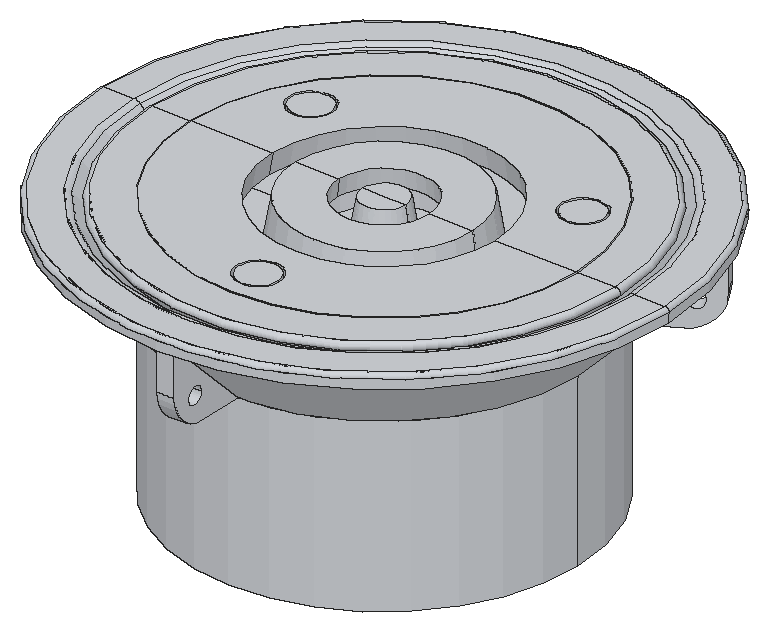
Revit family "Plumbing Fixture_Galvin_SafeCell_Floor_Drain_SS_303077XN_F", category Plumbing Fixtures, host Face, Revit 2019
Family settings
  Host = Face
  Round Connector Dimension = Use Diameter
  Part Type = Normal
  Cut with Voids When Loaded = No
  Shared = No
  Room Calculation Point = No
Parameters (values of type "Type 1")
  Waste Connection = no
  Vent Connection = no
  Variants = ""
  Vandal_Resistant = yes
  URL = "http://www.galvinengineering.com.au"
  Thread = "3\" NPSM M"
  Specify_Host = "Face"
  SKU_Code = "303077XN"
  Product_Type = "Drain"
  Product_Range = "Safe-Cell"
  PlumbingMaterial_ANZRS = ST/ST
  PlumbingFinish = "Polished"
  Mounting_Surface = "Floor"
  Mounting = "Floor"
  Manufacturer_Phone_No = "1300-514-074"
  Manufacturer_OverallWidth = 0 mm
  Manufacturer_OverallHeight = 0 mm
  Manufacturer_OverallDepth = 0 mm
  Manufacturer = "Galvin Engineering"
  Instructions = "https://www.galvinengineering.com.au/assets/product_documents/data_sheets/303077XN%20Datasheet.pdf"
  HW Connection = no
  FlowRate = ""
  FilterObject_ANZRS = ""
  Description = "POLISHED STAINLESS STEEL SAFE-CELL (CRR) PRISON FLOOR DRAIN ASS VINYL 100X3\" NPSM"
  Default Elevation = 0 mm
  CategoryStyleOrType_ANZRS = "Plumbing Fixture"
  CW Connection = no
  Application = "Commercial"
  Anti_Ligature = yes
Reference planes
  plane 1 "Center (Front/Back)": y = 0
  plane 2: z = 0
  plane 3 "Center (Left/Right)": x = 0
Forms (mm)
  Revolve 1, void
    sketch origin (0, 0, 0) x (1, 0, 0) y (0, 0, 1)
      loop
        line (0, 0) -> (-66.225, 0) -> (-66.225, -3.812) -> (-63.502, -3.812) -> (-56.734, -10.58)
        arc (-56.734, -10.58) -> (-54.67, -20.08) -> (-45.17, -22.144) r 8.987
        line (-45.17, -22.144) -> (-45.17, -61) -> (0, -61) -> (0, 0)
      axis (0, -61) -> (0, 0)
    angle from 0 to 360
Dimensions and locks
  aligned and locked: plane 2 to host face
  aligned and locked: level to host face
Nested families
  nested 1: "X_GALVIN_SAFECELL_SAFECELL_FLOOR_DRAIN_SS_303077XN_F" at (0, 0, 0), type "Type 1"
Definition of nested family "X_GALVIN_SAFECELL_SAFECELL_FLOOR_DRAIN_SS_303077XN_F"
  Parameters (values of type "Type 1")
    URL = ""
    PlumbingMaterial_ANZRS = none
    Manufacturer = ""
    Description = ""
  Reference planes
    plane 1 "Center (Front/Back)": y = 0
    plane 2: z = 0
    plane 3 "Center (Left/Right)": x = 0
    plane 4: z = -61
    plane 5: z = -21
    plane 6: x = -54
  Forms (mm)
    Extrusion 1, solid, material <- "PlumbingMaterial_ANZRS"
      sketch origin (0, 0, 0) x (0.5, -0.866025, 0) y (0.866025, 0.5, 0)
        loop
          line (-2, 63.398) -> (-2, 44.954) -> (2, 44.954) -> (2, 63.398) -> (-2, 63.398)
      from -21.442 to -3
    Extrusion 2, void
      sketch origin (60.572, 37.281, 0) x (-0.866025, -0.5, 0) y (0, 0, -1)
        loop
          line (7.7, 3) -> (26.142, 3) -> (26.142, 21.442) -> (7.7, 3)
        loop
          line (7.7, 21.442) -> (7.7, 13.442)
          arc (7.7, 13.442) -> (10.043, 19.099) -> (15.7, 21.442) r 8
          line (15.7, 21.442) -> (7.7, 21.442)
        loop
          circle (13.7, 15.442) r 2
      from 0 to 4
    Extrusion 3, solid, material <- "PlumbingMaterial_ANZRS", not visible
      sketch origin (0, 0, 0) x (1, 0, 0) y (0, 1, 0)
        loop
          line (-2, 63.398) -> (-2, 44.954) -> (2, 44.954) -> (2, 63.398) -> (-2, 63.398)
      from -21.442 to -3
    Extrusion 4, void, not visible
      sketch origin (-2, 71.098, 0) x (0, -1, 0) y (0, 0, -1)
        loop
          line (7.7, 3) -> (26.142, 3) -> (26.142, 21.442) -> (7.7, 3)
        loop
          line (7.7, 21.442) -> (7.7, 13.442)
          arc (7.7, 13.442) -> (10.043, 19.099) -> (15.7, 21.442) r 8
          line (15.7, 21.442) -> (7.7, 21.442)
        loop
          circle (13.7, 15.442) r 2
      from 0 to 4
    Extrusion 5, solid, material <- "PlumbingMaterial_ANZRS"
      sketch origin (0, 0, 0) x (-1, 0, 0) y (0, -1, 0)
        loop
          line (-2, 63.398) -> (-2, 44.954) -> (2, 44.954) -> (2, 63.398) -> (-2, 63.398)
      from -21.442 to -3
    Extrusion 6, void
      sketch origin (2, -71.098, 0) x (0, 1, 0) y (0, 0, -1)
        loop
          line (7.7, 3) -> (26.142, 3) -> (26.142, 21.442) -> (7.7, 3)
        loop
          line (7.7, 21.442) -> (7.7, 13.442)
          arc (7.7, 13.442) -> (10.043, 19.099) -> (15.7, 21.442) r 8
          line (15.7, 21.442) -> (7.7, 21.442)
        loop
          circle (13.7, 15.442) r 2
      from 0 to 4
    Extrusion 7, solid, material <- "PlumbingMaterial_ANZRS"
      sketch origin (0, 0, 0) x (0.5, 0.866025, 0) y (-0.866025, 0.5, 0)
        loop
          line (-2, 63.398) -> (-2, 44.954) -> (2, 44.954) -> (2, 63.398) -> (-2, 63.398)
      from -21.442 to -3
    Extrusion 8, void
      sketch origin (-62.572, 33.817, 0) x (0.866025, -0.5, 0) y (0, 0, -1)
        loop
          line (7.7, 3) -> (26.142, 3) -> (26.142, 21.442) -> (7.7, 3)
        loop
          line (7.7, 21.442) -> (7.7, 13.442)
          arc (7.7, 13.442) -> (10.043, 19.099) -> (15.7, 21.442) r 8
          line (15.7, 21.442) -> (7.7, 21.442)
        loop
          circle (13.7, 15.442) r 2
      from 0 to 4
    Revolve 9, solid, material <- "PlumbingMaterial_ANZRS"
      sketch origin (0, 0, 0) x (1, 0, 0) y (0, 0, 1)
        loop
          line (44.956, -21.442) -> (63.398, -3) -> (66, -3) -> (66, -1)
          arc (66, -1) -> (65.707, -0.293) -> (65, 0) r 1
          line (65, 0) -> (58.078, 0)
          arc (58.078, 0) -> (57.313, -0.152) -> (56.664, -0.586) r 2
          line (56.664, -0.586) -> (43.842, -13.408) -> (43, -16) -> (38.7, -20.3) -> (38.7, -61) -> (44.956, -61) -> (44.956, -21.442)
        loop
          line (53.586, 0) -> (45, 0) -> (45, -7.268) -> (44, -9) -> (42.5, -11) -> (38.841, -15) -> (41, -15) -> (54.293, -1.707)
          arc (54.293, -1.707) -> (54.51, -0.617) -> (53.586, 0) r 1
        loop
          line (44.75, -5) -> (44.75, 0) -> (25.89, 0) -> (26.882, -5) -> (44.75, -5)
        loop
          line (21.954, -9) -> (20.459, 0) -> (10.465, 0) -> (10.975, -4) -> (17.457, -4) -> (17.457, -25) -> (23.957, -25) -> (27.957, -21) -> (27.957, -13) -> (34.306, -13) -> (37.306, -10) -> (37.306, -9) -> (21.954, -9)
        loop
          line (4.992, 0) -> (0, 0) -> (0, -13) -> (7.938, -13) -> (8.899, -24) -> (10.089, -25) -> (12.986, -25) -> (12.986, -9) -> (6.577, -9) -> (4.992, 0)
        axis (0, -61) -> (0, 0)
      angle from 0 to 360
    Extrusion 10, void
      sketch origin (0, 0, 0) x (-0.5, 0.866025, 0) y (-0.866025, -0.5, 0)
        loop
          circle (-31.61, 18.25) r 5
        loop
          circle (31.61, 18.25) r 5
        loop
          circle (0, -36.5) r 5
      from -5 to 0
    Extrusion 11, solid, material <- "PlumbingMaterial_ANZRS"
      sketch origin (0, 0, 0) x (-0.5, 0.866025, 0) y (-0.866025, -0.5, 0)
        loop
          circle (0, -36.5) r 4.5
        loop
          circle (31.61, 18.25) r 4.5
        loop
          circle (-31.61, 18.25) r 4.5
      from -2 to 0
  Cuts and joins
    Extrusion 2, Extrusion 6 cuts Extrusion 1
    Extrusion 6 cuts Extrusion 5
    Extrusion 8 cuts Extrusion 7
    Extrusion 10 cuts Revolve 9
  Dimensions and locks
    plane 5 to plane 4 = 40 mm
    level to plane 4 = 61 mm
    aligned and locked: level to plane 2
